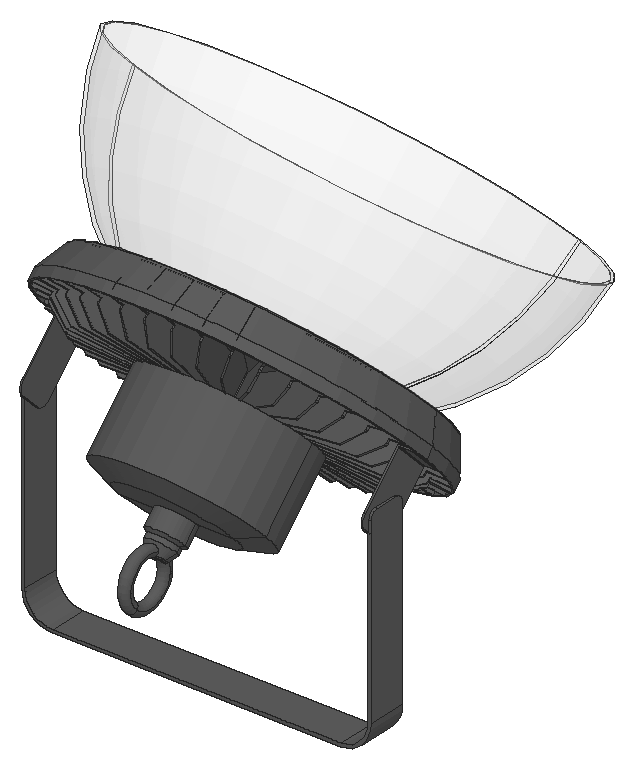
Revit family "0039349+0039355+0039361 Feilo Sylvania Lighting Fixture START HIGHBAY 4K 26KLM WIDE with BRACKET and PC LAMPSHADE TRANSPARENT FOR", category Lighting Fixtures, host Face, Revit 2017 (continued)
Definition of nested family "Start LED Highbay Head"
  Dimensions and locks
    "RHRadius2_FEILO": plane 3 "Center (Left/Right)" to plane 32
    "RHHeight3_FEILO": plane 31 to plane 33
    "RHHeight4_FEILO": plane 33 to plane 34
    "RHRadius3_FEILO": plane 3 "Center (Left/Right)" to plane 35
    "RHHeight1_FEILO": plane 28 to plane 30
    "EyeInner_FEILO": plane 34 to plane 36
    "EyeInner_FEILO": plane 36 to plane 37
    equal spacing: plane 38, plane 3 "Center (Left/Right)", plane 39
    "EyeThickness_FEILO": plane 38 to plane 39
    "EyeThickness_FEILO": plane 37 to plane 40
    equal spacing: plane 37, plane 41, plane 40
    equal spacing: plane 6, plane 42, plane 18
    "ThicknessBracket_FEILO": plane 45 to plane 6
    "ThicknessBracket_FEILO": plane 8 to plane 44
    locked: plane 43 to plane 18 at 1
    equal spacing: plane 24, plane 46, plane 26
    equal spacing: plane 47, plane 1 "Center (Front/Back)", plane 48
    "WidthBracket_FEILO": plane 47 to plane 48
    "WidthRingChamfer_FEILO": plane 50 to plane 49
    "ThicknessWall_FEILO": plane 51 to plane 49
    equal spacing: plane 50, plane 52, plane 51
    "ThicknessBracket_FEILO": plane 54 to plane 50
    locked: plane 53 to plane 51 at 1
    "Radius_FEILO": plane 49 to plane 3 "Center (Left/Right)"
    "ShadeRadiusOut_FEILO": plane 3 "Center (Left/Right)" to plane 55
    "ShadeHeight_FEILO": plane 56 to plane 4
    "ShadeRadiusIn_FEILO": plane 3 "Center (Left/Right)" to plane 57
    locked: plane 58 to plane 57 at 8
    "ShadeThickness_FEILO": plane 60 to plane 4
    "ShadeThickness_FEILO": plane 59 to plane 55
    "EyeThicknessHalf_FEILO": radius of curve 8
    "ThicknessBracket_FEILO": radius of Extrusion 7 sketch curve  (x2)
    "ThicknessBracketHalf_FEILO": radius of Extrusion 7 sketch curve  (x2)
    "ShadeRadiusBend_FEILO": radius of curve 9
    aligned and locked: plane 2 to Extrusion 1
    aligned and locked: level to Extrusion 1
    aligned and locked: plane 5 to curve 1
    aligned and locked: plane 6 to curve 1
    aligned and locked: plane 7 to curve 1
    aligned and locked: plane 10 to curve 2
    aligned and locked: plane 9 to curve 3
    aligned and locked: plane 4 to curve 3
    aligned and locked: plane 11 to curve 3
    aligned and locked: plane 4 to curve 4
    aligned and locked: plane 18 to curve 5
    aligned and locked: plane 10 to curve 5
    aligned and locked: Revolve 2 sketch curve to plane 3 "Center (Left/Right)"
    aligned and locked: Revolve 2 sketch curve to curve 3
    aligned and locked: Revolve 2 sketch curve to curve 1
    aligned and locked: plane 4 to Revolve 2 sketch curve
    aligned and locked: plane 9 to Revolve 2 sketch curve
    aligned and locked: Revolve 2 sketch curve to plane 13
    aligned and locked: Revolve 2 sketch curve to plane 10
    aligned and locked: plane 13 to Revolve 2 sketch curve
    aligned and locked: plane 10 to Revolve 2 sketch curve
    aligned and locked: Revolve 2 sketch curve to plane 18
    aligned and locked: Revolve 2 sketch curve to plane 8
    aligned and locked: plane 5 to Revolve 2 sketch curve  (x2)
    aligned and locked: Revolve 3 sketch curve to plane 3 "Center (Left/Right)"
    aligned and locked: plane 11 to Revolve 3 sketch curve
    aligned and locked: Revolve 3 sketch curve to curve 2
    aligned and locked: plane 15 to Revolve 3 sketch curve
    aligned and locked: Revolve 3 sketch curve to plane 16
    aligned and locked: plane 17 to Revolve 3 sketch curve  (x2)
    aligned and locked: Revolve 3 sketch curve to plane 12
    aligned and locked: plane 7 to Revolve 3 sketch curve
    aligned and locked: Revolve 4 sketch curve to plane 3 "Center (Left/Right)"
    aligned and locked: Revolve 4 sketch curve to plane 14
    aligned and locked: plane 3 "Center (Left/Right)" to Revolve 4 sketch curve
    aligned and locked: Revolve 4 sketch curve to plane 12
    aligned and locked: plane 15 to Revolve 4 sketch curve
    aligned and locked: Revolve 2 sketch curve to curve 5
    aligned and locked: plane 22 to curve 6
    aligned and locked: plane 21 to curve 6
    aligned and locked: plane 20 to curve 6
    aligned and locked: plane 19 to curve 6
    aligned and locked: plane 33 to curve 7
    aligned and locked: plane 32 to curve 7
    aligned and locked: plane 35 to curve 7
    aligned and locked: plane 34 to curve 7
    aligned and locked: Revolve 5 sketch curve to plane 3 "Center (Left/Right)"
    aligned and locked: Revolve 5 sketch curve to plane 25
    aligned and locked: plane 27 to Revolve 5 sketch curve
    aligned and locked: plane 28 to Revolve 5 sketch curve
    aligned and locked: plane 30 to Revolve 5 sketch curve
    aligned and locked: Revolve 5 sketch curve to plane 29
    aligned and locked: plane 31 to Revolve 5 sketch curve
    aligned and locked: Revolve 5 sketch curve to curve 7
    aligned and locked: Revolve 5 sketch curve to plane 32
    aligned and locked: plane 34 to Revolve 5 sketch curve
    aligned and locked: plane 3 "Center (Left/Right)" to Revolve 5 sketch curve
    aligned and locked: plane 3 "Center (Left/Right)" to curve 8
    aligned and locked: plane 41 to curve 8
    aligned and locked: Revolve 6 sketch curve to plane 36
    aligned and locked: Revolve 6 sketch curve to curve 8
    aligned and locked: plane 43 to Extrusion 7 sketch curve  (x2)
    aligned and locked: plane 8 to Extrusion 7 sketch curve  (x3)
    aligned and locked: Extrusion 7 sketch curve to plane 45
    aligned and locked: Extrusion 7 sketch curve to plane 46  (x2)
    aligned and locked: plane 6 to Extrusion 7 sketch curve
    aligned and locked: Extrusion 7 sketch curve to plane 44  (x2)
    aligned and locked: Extrusion 7 to plane 48
    aligned and locked: plane 47 to Extrusion 7
    aligned and locked: plane 53 to Extrusion 7 sketch curve
    aligned and locked: plane 50 to Extrusion 7 sketch curve
    aligned and locked: Extrusion 7 sketch curve to plane 54
    aligned and locked: Extrusion 8 sketch curve to Extrusion 8 sketch curve
    aligned and locked: Extrusion 8 to plane 6
    aligned and locked: Extrusion 8 to Extrusion 7
    aligned and locked: Revolve 5 sketch curve to plane 22
    aligned and locked: plane 23 to nested 1
    aligned and locked: plane 1 "Center (Front/Back)" to nested 1
    aligned and locked: Revolve 9 sketch curve to plane 3 "Center (Left/Right)"
    aligned and locked: Revolve 9 sketch curve to plane 4
    aligned and locked: plane 6 to Revolve 9 sketch curve
    aligned and locked: plane 4 to Revolve 9 sketch curve
    aligned and locked: plane 7 to Revolve 9 sketch curve
    aligned and locked: Revolve 9 sketch curve to plane 5
    aligned and locked: plane 8 to Revolve 9 sketch curve  (x2)
    aligned and locked: Revolve 9 sketch curve to plane 19
    aligned and locked: plane 20 to Revolve 9 sketch curve
    aligned and locked: plane 19 to Revolve 9 sketch curve
    aligned and locked: plane 21 to Revolve 9 sketch curve
    aligned and locked: plane 22 to Revolve 9 sketch curve  (x2)
    aligned and locked: Revolve 9 sketch curve to Revolve 9 sketch curve
    aligned and locked: imposter light to plane 4
    aligned and locked: plane 3 "Center (Left/Right)" to imposter light
    aligned and locked: imposter light to plane 1 "Center (Front/Back)"
    aligned and locked: plane 55 to curve 9
    aligned and locked: plane 56 to curve 9
    aligned and locked: plane 57 to curve 9
    aligned and locked: plane 4 to curve 9
    aligned and locked: Revolve 10 sketch curve to curve 9
    aligned and locked: plane 58 to Revolve 10 sketch curve
    aligned and locked: plane 57 to Revolve 10 sketch curve
    aligned and locked: plane 56 to Revolve 10 sketch curve  (x2)
    aligned and locked: Revolve 10 sketch curve to plane 58
    aligned and locked: plane 60 to Revolve 10 sketch curve
  Automatic sketch dimensions
    Extrusion 1 sketch curve to Extrusion 1 sketch curve = 2438.4 mm  (x2)
    Revolve 2 sketch curve to plane 6 = 0.299 mm
    plane 6 to Revolve 2 sketch curve = 0.459 mm
    Revolve 2 sketch curve to level = 609.6 mm
    Revolve 2 sketch curve to Revolve 2 sketch curve = 2312.223 mm
    Revolve 3 sketch curve to plane 12 = 0 mm
    Revolve 3 sketch curve to plane 3 "Center (Left/Right)" = 0 mm
    Revolve 3 sketch curve to level = 609.6 mm
    Revolve 3 sketch curve to plane 4 = 2339.058 mm
    Revolve 4 sketch curve to level = 609.6 mm
    Revolve 4 sketch curve to plane 4 = 2339.058 mm
    Revolve 6 sketch curve to plane 5 = 1080 mm
    plane 38 to Revolve 6 sketch curve = 1219.2 mm
    Extrusion 8 sketch curve to plane 47 = 0 mm
    plane 46 to Extrusion 8 sketch curve = 0 mm  (x2)
    Extrusion 8 sketch curve to plane 48 = 0 mm
    plane 47 to Extrusion 8 sketch curve = 5 mm
    plane 1 "Center (Front/Back)" to Extrusion 8 sketch curve = 10 mm
    Extrusion 8 sketch curve to Extrusion 8 sketch curve = 10 mm
    plane 46 to Extrusion 8 sketch curve = 5 mm
    Extrusion 8 sketch curve to Extrusion 8 sketch curve = 5 mm
    Extrusion 8 sketch curve to plane 48 = 5 mm
    Revolve 5 sketch curve to plane 26 = 0 mm
    Revolve 5 sketch curve to plane 35 = 0.437 mm
    plane 35 to Revolve 5 sketch curve = 0.847 mm
    Revolve 5 sketch curve to plane 34 = 0.726 mm
    plane 40 to Revolve 5 sketch curve = 590.2 mm
    Revolve 5 sketch curve to plane 4 = 2339.058 mm
    Revolve 9 sketch curve to level = 609.6 mm
    Revolve 9 sketch curve to Revolve 9 sketch curve = 2386.058 mm
    curve 2 to plane 3 "Center (Left/Right)" = 0 mm
    Revolve 10 sketch curve to Revolve 10 sketch curve = 0 mm  (x2)
    Revolve 10 sketch curve to plane 3 "Center (Left/Right)" = 0 mm
    plane 57 to Revolve 10 sketch curve = 0.659 mm
    Revolve 10 sketch curve to level = 609.6 mm
    Revolve 10 sketch curve to Revolve 10 sketch curve = 2068.248 mm
  Nested families
    nested 1: "Start Highbay Rib" at (0, 0, 67.775), type "Type Name", detail levels medium+fine
      with SuspensionHeight_FEILO 2.6 mm
    nested 2: "Start Highbay Rib" at (0, 0, 67.775) x (0.9877, 0.1564, 0) z (0, 0, 1), type "Type Name", detail levels medium+fine
      with SuspensionHeight_FEILO 2.6 mm
    nested 3: "Start Highbay Rib" at (0, 0, 67.775) x (0.9511, 0.309, 0) z (0, 0, 1), type "Type Name", detail levels medium+fine
      with SuspensionHeight_FEILO 2.6 mm
    nested 4: "Start Highbay Rib" at (0, 0, 67.775) x (0.891, 0.454, 0) z (0, 0, 1), type "Type Name", detail levels medium+fine
      with SuspensionHeight_FEILO 2.6 mm
    nested 5: "Start Highbay Rib" at (0, 0, 67.775) x (0.809, 0.5878, 0) z (0, 0, 1), type "Type Name", detail levels medium+fine
      with SuspensionHeight_FEILO 2.6 mm
    nested 6: "Start Highbay Rib" at (0, 0, 67.775) x (0.7071, 0.7071, 0) z (0, 0, 1), type "Type Name", detail levels medium+fine
      with SuspensionHeight_FEILO 2.6 mm
    nested 7: "Start Highbay Rib" at (0, 0, 67.775) x (0.5878, 0.809, 0) z (0, 0, 1), type "Type Name", detail levels medium+fine
      with SuspensionHeight_FEILO 2.6 mm
    nested 8: "Start Highbay Rib" at (0, 0, 67.775) x (0.454, 0.891, 0) z (0, 0, 1), type "Type Name", detail levels medium+fine
      with SuspensionHeight_FEILO 2.6 mm
    nested 9: "Start Highbay Rib" at (0, 0, 67.775) x (0.309, 0.9511, 0) z (0, 0, 1), type "Type Name", detail levels medium+fine
      with SuspensionHeight_FEILO 2.6 mm
    nested 10: "Start Highbay Rib" at (0, 0, 67.775) x (0.1564, 0.9877, 0) z (0, 0, 1), type "Type Name", detail levels medium+fine
      with SuspensionHeight_FEILO 2.6 mm
    nested 11: "Start Highbay Rib" at (0, 0, 67.775) x (0, 1, 0) z (0, 0, 1), type "Type Name", detail levels medium+fine
      with SuspensionHeight_FEILO 2.6 mm
    nested 12: "Start Highbay Rib" at (0, 0, 67.775) x (-0.1564, 0.9877, 0) z (0, 0, 1), type "Type Name", detail levels medium+fine
      with SuspensionHeight_FEILO 2.6 mm
    nested 13: "Start Highbay Rib" at (0, 0, 67.775) x (-0.309, 0.9511, 0) z (0, 0, 1), type "Type Name", detail levels medium+fine
      with SuspensionHeight_FEILO 2.6 mm
    nested 14: "Start Highbay Rib" at (0, 0, 67.775) x (-0.454, 0.891, 0) z (0, 0, 1), type "Type Name", detail levels medium+fine
      with SuspensionHeight_FEILO 2.6 mm
    nested 15: "Start Highbay Rib" at (0, 0, 67.775) x (-0.5878, 0.809, 0) z (0, 0, 1), type "Type Name", detail levels medium+fine
      with SuspensionHeight_FEILO 2.6 mm
    nested 16: "Start Highbay Rib" at (0, 0, 67.775) x (-0.7071, 0.7071, 0) z (0, 0, 1), type "Type Name", detail levels medium+fine
      with SuspensionHeight_FEILO 2.6 mm
    nested 17: "Start Highbay Rib" at (0, 0, 67.775) x (-0.809, 0.5878, 0) z (0, 0, 1), type "Type Name", detail levels medium+fine
      with SuspensionHeight_FEILO 2.6 mm
    nested 18: "Start Highbay Rib" at (0, 0, 67.775) x (-0.891, 0.454, 0) z (0, 0, 1), type "Type Name", detail levels medium+fine
      with SuspensionHeight_FEILO 2.6 mm
    nested 19: "Start Highbay Rib" at (0, 0, 67.775) x (-0.9511, 0.309, 0) z (0, 0, 1), type "Type Name", detail levels medium+fine
      with SuspensionHeight_FEILO 2.6 mm
    nested 20: "Start Highbay Rib" at (0, 0, 67.775) x (-0.9877, 0.1564, 0) z (0, 0, 1), type "Type Name", detail levels medium+fine
      with SuspensionHeight_FEILO 2.6 mm
    nested 21: "Start Highbay Rib" at (0, 0, 67.775) x (-1, 0, 0) z (0, 0, 1), type "Type Name", detail levels medium+fine
      with SuspensionHeight_FEILO 2.6 mm
    nested 22: "Start Highbay Rib" at (0, 0, 67.775) x (-0.9877, -0.1564, 0) z (0, 0, 1), type "Type Name", detail levels medium+fine
      with SuspensionHeight_FEILO 2.6 mm
    nested 23: "Start Highbay Rib" at (0, 0, 67.775) x (-0.9511, -0.309, 0) z (0, 0, 1), type "Type Name", detail levels medium+fine
      with SuspensionHeight_FEILO 2.6 mm
    nested 24: "Start Highbay Rib" at (0, 0, 67.775) x (-0.891, -0.454, 0) z (0, 0, 1), type "Type Name", detail levels medium+fine
      with SuspensionHeight_FEILO 2.6 mm
    nested 25: "Start Highbay Rib" at (0, 0, 67.775) x (-0.809, -0.5878, 0) z (0, 0, 1), type "Type Name", detail levels medium+fine
      with SuspensionHeight_FEILO 2.6 mm
    nested 26: "Start Highbay Rib" at (0, 0, 67.775) x (-0.7071, -0.7071, 0) z (0, 0, 1), type "Type Name", detail levels medium+fine
      with SuspensionHeight_FEILO 2.6 mm
    nested 27: "Start Highbay Rib" at (0, 0, 67.775) x (-0.5878, -0.809, 0) z (0, 0, 1), type "Type Name", detail levels medium+fine
      with SuspensionHeight_FEILO 2.6 mm
    nested 28: "Start Highbay Rib" at (0, 0, 67.775) x (-0.454, -0.891, 0) z (0, 0, 1), type "Type Name", detail levels medium+fine
      with SuspensionHeight_FEILO 2.6 mm
    nested 29: "Start Highbay Rib" at (0, 0, 67.775) x (-0.309, -0.9511, 0) z (0, 0, 1), type "Type Name", detail levels medium+fine
      with SuspensionHeight_FEILO 2.6 mm
    nested 30: "Start Highbay Rib" at (0, 0, 67.775) x (-0.1564, -0.9877, 0) z (0, 0, 1), type "Type Name", detail levels medium+fine
      with SuspensionHeight_FEILO 2.6 mm
    nested 31: "Start Highbay Rib" at (0, 0, 67.775) x (0, -1, 0) z (0, 0, 1), type "Type Name", detail levels medium+fine
      with SuspensionHeight_FEILO 2.6 mm
    nested 32: "Start Highbay Rib" at (0, 0, 67.775) x (0.1564, -0.9877, 0) z (0, 0, 1), type "Type Name", detail levels medium+fine
      with SuspensionHeight_FEILO 2.6 mm
    nested 33: "Start Highbay Rib" at (0, 0, 67.775) x (0.309, -0.9511, 0) z (0, 0, 1), type "Type Name", detail levels medium+fine
      with SuspensionHeight_FEILO 2.6 mm
    nested 34: "Start Highbay Rib" at (0, 0, 67.775) x (0.454, -0.891, 0) z (0, 0, 1), type "Type Name", detail levels medium+fine
      with SuspensionHeight_FEILO 2.6 mm
    nested 35: "Start Highbay Rib" at (0, 0, 67.775) x (0.5878, -0.809, 0) z (0, 0, 1), type "Type Name", detail levels medium+fine
      with SuspensionHeight_FEILO 2.6 mm
    nested 36: "Start Highbay Rib" at (0, 0, 67.775) x (0.7071, -0.7071, 0) z (0, 0, 1), type "Type Name", detail levels medium+fine
      with SuspensionHeight_FEILO 2.6 mm
    nested 37: "Start Highbay Rib" at (0, 0, 67.775) x (0.809, -0.5878, 0) z (0, 0, 1), type "Type Name", detail levels medium+fine
      with SuspensionHeight_FEILO 2.6 mm
    nested 38: "Start Highbay Rib" at (0, 0, 67.775) x (0.891, -0.454, 0) z (0, 0, 1), type "Type Name", detail levels medium+fine
      with SuspensionHeight_FEILO 2.6 mm
    nested 39: "Start Highbay Rib" at (0, 0, 67.775) x (0.9511, -0.309, 0) z (0, 0, 1), type "Type Name", detail levels medium+fine
      with SuspensionHeight_FEILO 2.6 mm
    nested 40: "Start Highbay Rib" at (0, 0, 67.775) x (0.9877, -0.1564, 0) z (0, 0, 1), type "Type Name", detail levels medium+fine
      with SuspensionHeight_FEILO 2.6 mm
  Definition of nested family "Start Highbay Rib"
    Parameters (values of type "Type Name")
      WidthStraight_FEILO = if(SizeS_FEILO, 3 mm, if(SizeM_FEILO, 4 mm, 4.7 mm))  # 3 mm
      WidthRingChamfer_FEILO = if(SizeS_FEILO, 10.3 mm, if(SizeM_FEILO, 11.2 mm, 12.9 mm))  # 10.3 mm
      WidthCurved_FEILO = if(SizeS_FEILO, 17.4 mm, if(SizeM_FEILO, 16.4 mm, 26.2 mm))  # 17.4 mm
      WidthCurvedRing_FEILO = if(SizeS_FEILO, 3 mm, if(SizeM_FEILO, 4 mm, 4.7 mm))  # 3 mm
      WidthBracket_FEILO = 40 mm
      URL = "http://www.feilosylvania.com"
      Type Image = (empty or 0)
      Type Comments = "n/a"
      ThicknessWall_FEILO = 1.5 mm
      ThicknessBracket_FEILO = 1.5 mm
      ThicknessBracketHalf_FEILO = ThicknessBracket_FEILO / 2  # 0.75 mm
      SuspensionHeight_FEILO [instance] = 2.6 mm
      SizeS_FEILO = yes
      SizeM_FEILO = no
      Rib4_FEILO = if(SizeS_FEILO, 18.1 mm, if(SizeM_FEILO, 13.6 mm, 14.6 mm))  # 18.1 mm
      Rib3_FEILO = if(SizeS_FEILO, 15.3 mm, if(SizeM_FEILO, 17.6 mm, 20.2 mm))  # 15.3 mm
      Rib2_FEILO = if(SizeS_FEILO, 3.6 mm, if(SizeM_FEILO, 3.9 mm, 4.5 mm))  # 3.6 mm
      Rib1_FEILO = if(SizeS_FEILO, 15.1 mm, if(SizeM_FEILO, 16.5 mm, 19 mm))  # 15.1 mm
      RadiusRib_FEILO = 2 mm
      RadiusDiffuser_FEILO = if(SizeS_FEILO, 95.2 mm, if(SizeM_FEILO, 105.3 mm, 120 mm))  # 95.2 mm
      RHRadius3_FEILO = if(SizeS_FEILO, 6.6 mm, if(SizeM_FEILO, 7.4 mm, 8.6 mm))  # 6.6 mm
      RHRadius2_FEILO = if(SizeS_FEILO, 11 mm, if(SizeM_FEILO, 12 mm, 14 mm))  # 11 mm
      RHRadius1_FEILO = if(SizeS_FEILO, 13.6 mm, if(SizeM_FEILO, 14.9 mm, 17.7 mm))  # 13.6 mm
      RHHeight4_FEILO = if(SizeS_FEILO, 7.3 mm, if(SizeM_FEILO, 8 mm, 9.2 mm))  # 7.3 mm
      RHHeight3_FEILO = if(SizeS_FEILO, 3.6 mm, if(SizeM_FEILO, 3.7 mm, 4.6 mm))  # 3.6 mm
      RHHeight2_FEILO = if(SizeS_FEILO, 2 mm, if(SizeM_FEILO, 2.2 mm, 2.6 mm))  # 2 mm
      RHHeight1_FEILO = if(SizeS_FEILO, 11.8 mm, if(SizeM_FEILO, 15.3 mm, 17.4 mm))  # 11.8 mm
      Material_3_FEILO = none
      Model = ""
      Manufacturer = "Feilo Sylvania"
      Keynote = "16500"
      HeightRing_FEILO = if(SizeS_FEILO, 19.8 mm, if(SizeM_FEILO, 32 mm, 36.8 mm))  # 19.8 mm
      HeightRingChamfer_FEILO = if(SizeS_FEILO, 11.7 mm, if(SizeM_FEILO, 23.2 mm, 26.6 mm))  # 11.7 mm
      EyeThickness_FEILO = if(SizeS_FEILO, 8.4 mm, if(SizeM_FEILO, 9.2 mm, 10.5 mm))  # 8.4 mm
      EyeThicknessHalf_FEILO = EyeThickness_FEILO / 2  # 4.2 mm
      EyeInner_FEILO = if(SizeS_FEILO, 13.8 mm, if(SizeM_FEILO, 15.1 mm, 17.3 mm))  # 13.8 mm
      DriverVerticalStraight_FEILO = if(SizeS_FEILO, 46.5 mm, if(SizeM_FEILO, 49.7 mm, 57 mm))  # 46.5 mm
      DriverVerticalChamfer_FEILO = if(SizeS_FEILO, 7.5 mm, if(SizeM_FEILO, 8.2 mm, 9.5 mm))  # 7.5 mm
      DriverRadius_FEILO = if(SizeS_FEILO, 61.4 mm, if(SizeM_FEILO, 67.2 mm, 76.4 mm))  # 61.4 mm
      DriverRadiusTop_FEILO = if(SizeS_FEILO, 42 mm, if(SizeM_FEILO, 45.3 mm, 52.4 mm))  # 42 mm
      DriverBottom_FEILO = if(SizeS_FEILO, 56 mm, if(SizeM_FEILO, 64.5 mm, 74 mm))  # 56 mm
      Material_2_FEILO = none
      Radius_FEILO = if(SizeS_FEILO, 135 mm, if(SizeM_FEILO, 148 mm, 169.5 mm))  # 135 mm
      Description = ""
      Default Elevation = 1219.2 mm
      Cost = 0
      Material_1_FEILO = none
      Assembly Code = "D5020200"
      Material_4_FEILO = none
    Reference planes
      plane 1 "Center (Front/Back)": y = 0
      plane 2: z = 0
      plane 3 "Center (Left/Right)": x = 0
      plane 4: z = 2.6
      plane 5: x = -135
      plane 6: x = -124.7
      plane 7: z = -9.1
      plane 8: z = -17.2
      plane 9: x = -121.7
      plane 10: z = -0.025
      plane 11: x = -104.3
      plane 12: x = -95.2
      plane 13: x = -118.7
      plane 14: z = 0.975
      plane 15: z = -1.025
      plane 16: x = -92.2
      plane 17: z = -2.025
      plane 18: x = -133.5
      plane 19: x = -119.9
      plane 20: z = -20.8
      plane 21: x = -104.6
      plane 22: z = -38.9
      plane 23: x = -20
      plane 24: z = -53.4
      plane 25: x = -61.4
      plane 26: z = -99.9
      plane 27: x = -42
      plane 28: z = -107.4
      plane 29: x = -13.6
      plane 30: z = -119.2
      plane 31: z = -121.2
      plane 32: x = -11
      plane 33: z = -124.8
      plane 34: z = -132.1
      plane 35: x = -6.6
      plane 36: z = -145.9
      plane 37: z = -159.7
      plane 38: x = 4.2
      plane 39: x = -4.2
      plane 40: z = -168.1
      plane 41: z = -163.9
      plane 42: x = -129.1
      plane 43: x = -132.5
      plane 44: z = -18.7
      plane 45: x = -123.2
      plane 46: z = -76.65
      plane 47: y = -20
      plane 48: y = 20
      plane 49: x = 135
      plane 50: x = 124.7
      plane 51: x = 133.5
      plane 52: x = 129.1
      plane 53: x = 132.5
      plane 54: x = 123.2
      plane 55: y = 0.75
      plane 56: y = -0.75
    Forms (mm)
      Extrusion 1, solid
        sketch origin (4.2, 0, 0) x (1, 0, 0) y (0, 1, 0)
          loop
            line (-1219.2, 1219.2) -> (-1219.2, -1219.2) -> (1219.2, -1219.2) -> (1219.2, 1219.2) -> (-1219.2, 1219.2)
        from 0 to -68.017
      Extrusion 2, solid, material <- "Material_1_FEILO"
        sketch origin (0, 0, 0) x (1, 0, 0) y (0, 0, 1)
          loop
            arc (-104.3, -0.025) -> (-111.555, 0.423) -> (-118.7, 1.76) r 58.981
            line (-118.7, 1.76) -> (-118.7, -0.025) -> (-125.012, -0.025) -> (-133.5, -9.666) -> (-133.5, -17.2) -> (-119.9, -17.2) -> (-119.9, -20.068)
            arc (-119.9, -20.068) -> (-119.778, -20.755) -> (-119.427, -21.359) r 2
            line (-119.427, -21.359) -> (-104.966, -38.467)
            arc (-104.966, -38.467) -> (-104.381, -38.789) -> (-103.723, -38.9) r 2
            line (-103.723, -38.9) -> (-20, -38.9) -> (-20, -9.1) -> (-95.2, -9.1) -> (-95.2, -2.025) -> (-104.3, -2.025) -> (-104.3, -0.025)
        from -0.75 to 0.75
    Lines and regions (mm)
      reference lines
        curve 1: line (-135, 0, -9.1) -> (-124.7, 0, 2.6)
        curve 2: line (-104.3, 0, -0.025) -> (0, 0, -0.025)
        curve 3: arc (-104.3, 0, -0.025) -> (-113.098, 0, 0.635) -> (-121.7, 0, 2.6) r 58.981
        curve 4: line (-124.7, 0, 2.6) -> (-121.7, 0, 2.6)
        curve 5: line (-125.012, 0, -0.025) -> (-133.5, 0, -9.666)
        curve 6: line (-119.9, 0, -20.8) -> (-104.6, 0, -38.9)
    Dimensions and locks
      "Radius_FEILO": plane 3 "Center (Left/Right)" to plane 5
      "WidthRingChamfer_FEILO": plane 6 to plane 5
      "WidthStraight_FEILO": plane 9 to plane 6
      "WidthCurvedRing_FEILO": plane 13 to plane 9
      locked: plane 10 to plane 15 at 1
      locked: plane 14 to plane 10 at 1
      locked: plane 4 to plane 10 at 2.625
      locked: plane 15 to plane 17 at 1
      "ThicknessWall_FEILO": plane 18 to plane 5
      "ThicknessWall_FEILO": curve 5 to curve 1
      "HeightRingChamfer_FEILO": plane 4 to plane 7
      "HeightRing_FEILO": plane 4 to plane 8
      "RadiusDiffuser_FEILO": plane 3 "Center (Left/Right)" to plane 12
      locked: plane 16 to plane 12 at 3
      "WidthCurved_FEILO": plane 11 to plane 9
      "SuspensionHeight_FEILO": plane 4 to plane 2
      "Rib1_FEILO": plane 19 to plane 5
      "Rib2_FEILO": plane 8 to plane 20
      "Rib3_FEILO": plane 21 to plane 19
      "Rib4_FEILO": plane 20 to plane 22
      locked: plane 3 "Center (Left/Right)" to plane 23 at 20
      "DriverBottom_FEILO": plane 4 to plane 24
      "DriverRadius_FEILO": plane 3 "Center (Left/Right)" to plane 25
      "DriverVerticalStraight_FEILO": plane 24 to plane 26
      "DriverRadiusTop_FEILO": plane 3 "Center (Left/Right)" to plane 27
      "DriverVerticalChamfer_FEILO": plane 26 to plane 28
      "RHRadius1_FEILO": plane 3 "Center (Left/Right)" to plane 29
      "RHHeight2_FEILO": plane 30 to plane 31
      "RHRadius2_FEILO": plane 3 "Center (Left/Right)" to plane 32
      "RHHeight3_FEILO": plane 31 to plane 33
      "RHHeight4_FEILO": plane 33 to plane 34
      "RHRadius3_FEILO": plane 3 "Center (Left/Right)" to plane 35
      "RHHeight1_FEILO": plane 28 to plane 30
      "EyeInner_FEILO": plane 34 to plane 36
      "EyeInner_FEILO": plane 36 to plane 37
      equal spacing: plane 38, plane 3 "Center (Left/Right)", plane 39
      "EyeThickness_FEILO": plane 38 to plane 39
      "EyeThickness_FEILO": plane 37 to plane 40
      equal spacing: plane 37, plane 41, plane 40
      equal spacing: plane 6, plane 42, plane 18
      "ThicknessBracket_FEILO": plane 45 to plane 6
      "ThicknessBracket_FEILO": plane 8 to plane 44
      locked: plane 43 to plane 18 at 1
      equal spacing: plane 24, plane 46, plane 26
      equal spacing: plane 47, plane 1 "Center (Front/Back)", plane 48
      "WidthBracket_FEILO": plane 47 to plane 48
      "WidthRingChamfer_FEILO": plane 50 to plane 49
      "ThicknessWall_FEILO": plane 51 to plane 49
      equal spacing: plane 50, plane 52, plane 51
      "ThicknessBracket_FEILO": plane 54 to plane 50
      locked: plane 53 to plane 51 at 1
      "Radius_FEILO": plane 49 to plane 3 "Center (Left/Right)"
      equal spacing: plane 56, plane 1 "Center (Front/Back)", plane 55
      "ThicknessWall_FEILO": plane 56 to plane 55
      "RadiusRib_FEILO": radius of Extrusion 2 sketch curve  (x2)
      aligned and locked: plane 2 to Extrusion 1
      aligned and locked: level to Extrusion 1
      aligned and locked: plane 5 to curve 1
      aligned and locked: plane 6 to curve 1
      aligned and locked: plane 7 to curve 1
      aligned and locked: plane 10 to curve 2
      aligned and locked: plane 9 to curve 3
      aligned and locked: plane 4 to curve 3
      aligned and locked: plane 11 to curve 3
      aligned and locked: plane 4 to curve 4
      aligned and locked: plane 18 to curve 5
      aligned and locked: plane 10 to curve 5
      aligned and locked: plane 22 to curve 6
      aligned and locked: plane 21 to curve 6
      aligned and locked: plane 20 to curve 6
      aligned and locked: plane 19 to curve 6
      aligned and locked: Extrusion 2 sketch curve to plane 23
      aligned and locked: Extrusion 2 sketch curve to plane 22
      aligned and locked: Extrusion 2 sketch curve to curve 6
      aligned and locked: plane 19 to Extrusion 2 sketch curve
      aligned and locked: Extrusion 2 sketch curve to plane 8
      aligned and locked: Extrusion 2 sketch curve to curve 5
      aligned and locked: Extrusion 2 sketch curve to curve 3
      aligned and locked: Extrusion 2 to plane 55
      aligned and locked: plane 56 to Extrusion 2
      aligned and locked: curve 6 to Extrusion 2 sketch curve
    Automatic sketch dimensions
      Extrusion 1 sketch curve to Extrusion 1 sketch curve = 2438.4 mm  (x2)
      curve 2 to plane 3 "Center (Left/Right)" = 0 mm
      Extrusion 2 sketch curve to plane 18 = 0 mm
      Extrusion 2 sketch curve to plane 10 = 0 mm
      Extrusion 2 sketch curve to plane 13 = 0 mm
      Extrusion 2 sketch curve to plane 7 = 0 mm
      Extrusion 2 sketch curve to plane 12 = 0 mm
      Extrusion 2 sketch curve to plane 17 = 0 mm
      plane 19 to Extrusion 2 sketch curve = 0.473 mm
      Extrusion 2 sketch curve to plane 21 = 0.366 mm
